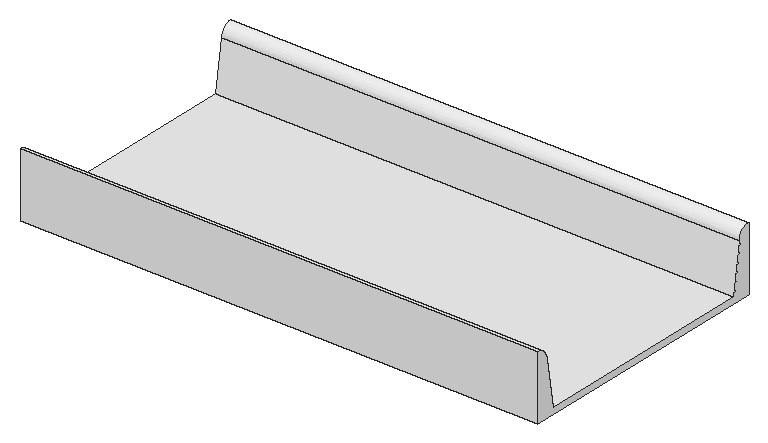
Revit family
Parameters (values of type "C310X30.8")
  x = 17.7 mm
  tw = 7.2 mm
  tf = 12.7 mm
  d = 305 mm
  bf = 74.7 mm
  W = 0.302
  보강재 재료 [instance] = 금속 - 스틸 - 345 MPa
  built-in parameter 1001306 [instance] = 600 mm
  A = 3920.00 m²
Reference planes
  plane 1 "중심(앞/뒤)": y = 19.971
  plane 2: z = 0
  plane 3 "왼쪽": x = 0
  plane 4 "오른쪽": x = 600
  plane 5: y = 7.271
  plane 6: y = -285.029
  plane 7: z = 7.2
  plane 8: z = 17.7
  plane 9: z = 74.7
  plane 10: y = -132.529
  plane 11: y = -272.329
Forms (mm)
  Sweep 1, solid, material "금속 - 스틸 - 345 MPa" <- "보강재 재료", detail levels fine
    path in 3D
      loop
        line (0, 19.971, 0) -> (600, 19.971, 0)
    profile origin (300, 19.971, 0) x (0, 1, 0) y (0, 0, 1)
      loop
        arc (0, 74.7) -> (-8.98, 70.98) -> (-12.7, 62) r 12.7
        line (-12.7, 62) -> (-21.379, 7.2) -> (-283.621, 7.2) -> (-292.3, 62)
        arc (-292.3, 62) -> (-296.02, 70.98) -> (-305, 74.7) r 12.7
        line (-305, 74.7) -> (-305, 0) -> (0, 0) -> (0, 74.7)
  Sweep 2, solid, material "금속 - 스틸 - 345 MPa" <- "보강재 재료", detail levels medium
    path in 3D
      loop
        line (0, 19.971, 0) -> (600, 19.971, 0)
    profile origin (300, 19.971, 0) x (0, 1, 0) y (0, 0, 1)
      loop
        line (0, 74.7) -> (-12.7, 74.7) -> (-18.605, 7.2) -> (-286.395, 7.2) -> (-292.3, 74.7) -> (-305, 74.7) -> (-305, 0) -> (0, 0) -> (0, 74.7)
Lines and regions (mm)
  reference lines
    curve 1: line (0, 19.971, 0) -> (600, 19.971, 0)
  sketch lines
    curve 2: line (0, 19.971, 0) -> (600, 19.971, 0)
    curve 3: line (0, 19.971, 0) -> (600, 19.971, 0)
Dimensions and locks
  "built-in parameter 1001306": plane 3 "왼쪽" to plane 4 "오른쪽"
  "tw": plane 7 to plane 2
  "x": plane 8 to plane 2
  "bf": plane 9 to plane 2
  "tf": plane 1 "중심(앞/뒤)" to plane 5
  "d": plane 1 "중심(앞/뒤)" to plane 6
  equal spacing: plane 1 "중심(앞/뒤)", plane 10, plane 6
  "tf": plane 6 to plane 11
  "tf": radius of Sweep 1 sketch curve  (x2)
  locked: plane 5 to Sweep 1 sketch curve (angle 9.00°)
  locked: Sweep 1 sketch curve to plane 11 (angle 9.00°)
  locked: plane 5 to Sweep 2 sketch curve (angle 5.00°)
  locked: Sweep 2 sketch curve to plane 11 (angle 5.00°)
  aligned and locked: plane 4 "오른쪽" to curve 1
  aligned and locked: plane 1 "중심(앞/뒤)" to curve 1
  aligned and locked: plane 3 "왼쪽" to curve 1
  aligned and locked: plane 9 to Sweep 1 sketch curve  (x2)
  aligned and locked: plane 6 to Sweep 1 sketch curve
  aligned and locked: plane 7 to Sweep 1 sketch curve
  aligned and locked: Sweep 2 sketch curve to plane 9
  aligned and locked: plane 9 to Sweep 2 sketch curve  (x2)
  aligned and locked: plane 6 to Sweep 2 sketch curve
  aligned and locked: Sweep 2 sketch curve to plane 7
  aligned and locked: plane 5 to Sweep 2 sketch curve
  aligned and locked: plane 11 to Sweep 2 sketch curve
Automatic sketch dimensions
  Sweep 2 sketch curve to profile plane = 0 mm  (x2)
  Sweep 1 sketch curve to profile plane = 0 mm  (x2)
